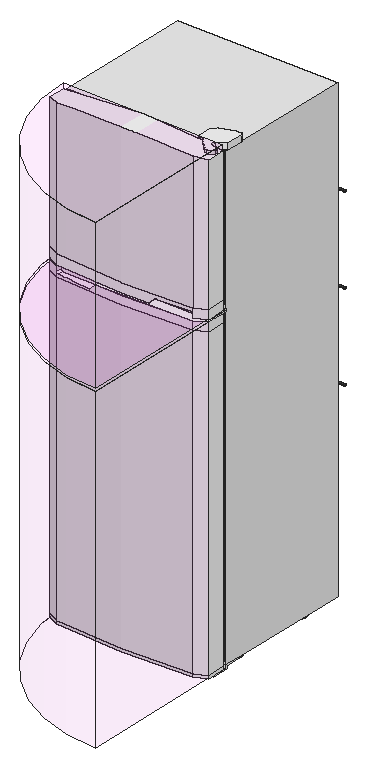
Revit family "QF_Summit_FF946W_Frost_Free_Refrigerator_Freezer", category Specialty Equipment, Revit 2020
Family settings
  Round Connector Dimension = Use Diameter
  Part Type = Normal
  Work Plane-Based = No
  Always vertical = Yes
  Cut with Voids When Loaded = No
  Shared = No
  Room Calculation Point = No
Parameters
  Weight in Pounds = 125
  Watts = Volts * FL Amps  # 94.3 W
  Volts = 115 V
  URL Cutsheet = ""
  Specification by User = ""
  Specification by Manufacturer = ""
  Show RHD [instance] = not(Show LHD)  # no
  Show LHD [instance] = yes
  Show Clearance [instance] = yes
  Serial Number = ""
  Seismic Rating = ""
  SMACNA No = ""
  Revision Code = ""
  Refrigerant Volume = 0.00 kip
  Refrigerant Type = "R134a"
  Phase = 1
  Number of Poles = 1
  NAFEM Spec ID Number = ""
  Model = "FF946W"
  Min Ckt Ampacity = 0 A
  Max Overcurrent Protection = 0 A
  Masterspec = ""
  Manufacturer = "Summit"
  Length = 22"
  Item Number = ""
  Installed By = ""
  Identify Quantity as Lot = yes
  Height = 65 3/4"
  HP = ""
  Furnished By = ""
  Foodservice Equipment Identifier = yes
  FL Amps = 0.82 A
  Electrical Remarks = ""
  Electric Connection Type = ""
  Elec Conn RI Height = 0"
  Elec Conn Connection Height = 0"
  Description = "Frost Free Refrigerator Freezer"
  Depth = 26"
  Default Elevation = 0"
  Cycle = 60 Hz
  Conn Plug = ""
  Conn Conduit = yes
  CSI MasterFormat = ""
  BTUH = 0.0 Btu/h
  Apparent Power = 0 VA
Reference planes (in)
  plane 1 "BACK": y = 0
  plane 2: z = 0
  plane 3 "LEFT": x = 0
  plane 4 "RIGHT": x = 22
  plane 5 "FRONT": y = -26
  plane 6 "TOP": z = 65.75
  plane 7 "Center Y": x = 11
  plane 8 "Center X": y = -13
Dimensions and locks (in)
  equal spacing: plane 3 "LEFT", plane 7 "Center Y", plane 4 "RIGHT"
  "Length": plane 3 "LEFT" to plane 4 "RIGHT"
  equal spacing: plane 5 "FRONT", plane 8 "Center X", plane 1 "BACK"
  "Depth": plane 5 "FRONT" to plane 1 "BACK"
  "Height": plane 6 "TOP" to level
  aligned and locked: level to plane 2
Nested families (in)
  nested 1: "FF946W" at (0, 0, 0), Show LHD <- "Show LHD", Show RHD <- "Show RHD", type "FF946W"
    with Show RHD no, Show LHD yes, Show Clearance yes
Connectors (in)
  electrical at (21.25, -2.46875, 9.06755), driven by "Volts", driven by "Watts"
    settings: on nested 1, index 1, voltage 115 V, apparent load 94.3 VA, apparent load phase1 0 VA, apparent load phase2 0 VA, apparent load phase3 0 VA, power factor 1, load classification "Other", number of poles 1, system type 30, power factor state 1, is connector primary yes, connector utility no, sub classification motor no, connector description "ELECTRICAL CONNECTION"
Definition of nested family "FF946W"
  Parameters (values of type "FF946W")
    Weight in Pounds = 0
    URL Cutsheet = ""
    Specification by User = ""
    Specification by Manufacturer = ""
    Show RHD [instance] = yes
    Show LHD [instance] = yes
    Show Clearance [instance] = yes
    Serial Number = ""
    Seismic Rating = ""
    SMACNA No = ""
    Revision Code = ""
    NAFEM Spec ID Number = ""
    Masterspec = ""
    Length = 22"
    Item Number = ""
    Installed By = ""
    Identify Quantity as Lot = yes
    Height = 65 3/4"
    Furnished By = ""
    Foodservice Equipment Identifier = yes
    Depth = 26"
    Default Elevation = 0"
    CSI MasterFormat = ""
  Reference planes (in)
    plane 1 "BACK": y = 0
    plane 2: z = 0
    plane 3 "LEFT": x = 0
    plane 4 "RIGHT": x = 22
    plane 5 "FRONT": y = -26
    plane 6 "TOP": z = 65.75
    plane 7 "Center Y": x = 11
    plane 8 "Center X": y = -13
    plane 9: y = -44.25
    plane 10: z = 0.76089
    plane 11: z = 64.75506
  Forms (in)
    Extrusion 1, solid, visible <- "Show LHD"
      sketch origin (0, 0, 0) x (1, 0, 0) y (0, 1, 0)
        loop
          line (0, -22.25) -> (0, -24.75) -> (1.58604, -25.48958)
          arc (1.58604, -25.48958) -> (11, -26) -> (20.41396, -25.48958) r 87.06902
          line (20.41396, -25.48958) -> (22, -24.75) -> (22, -22.25) -> (0, -22.25)
      from 46.47696 to 65.75
    Extrusion 2, void
      sketch origin (0, 0, 0) x (1, 0, 0) y (0, 0, 1)
        loop
          arc (0, 65) -> (11, 65.75) -> (22, 65) r 81.04167
          line (22, 65) -> (22, 68.01401) -> (0, 68.01401) -> (0, 65)
      from 22.25 to 26
    Extrusion 3, solid
      sketch origin (-6.66013, -180, 0.76089) x (-1, 0, 0) y (0, -1, 0)
        loop
          line (-6.66013, -157.75) -> (-6.66013, -155.25) -> (-8.24617, -154.51042)
          arc (-8.24617, -154.51042) -> (-17.66013, -154) -> (-27.07409, -154.51042) r 87.06902
          line (-27.07409, -154.51042) -> (-28.66013, -155.25) -> (-28.66013, -157.75) -> (-6.66013, -157.75)
      from 0.39175 to 42.92692
    Extrusion 4, solid
      sketch origin (-6.66013, -180, 43.68781) x (-1, 0, 0) y (0, -1, 0)
        loop
          line (-6.66013, -157.75) -> (-6.66013, -155.25) -> (-8.24617, -154.51042)
          arc (-8.24617, -154.51042) -> (-17.66013, -154) -> (-27.07409, -154.51042) r 87.06902
          line (-27.07409, -154.51042) -> (-28.66013, -155.25) -> (-28.66013, -157.75) -> (-6.66013, -157.75)
      from 0 to 1.21669
    Extrusion 5, solid
      sketch origin (0, 0, 46.47696) x (0, 1, 0) y (1, 0, 0)
        loop
          line (-22.25, 0) -> (-22.25, 22) -> (-24.75, 22) -> (-25.48958, 20.41396)
          arc (-25.48958, 20.41396) -> (-26, 11) -> (-25.48958, 1.58604) r 87.06902
          line (-25.48958, 1.58604) -> (-24.75, 0) -> (-22.25, 0)
      from 0 to 1.27189
    Extrusion 6, void
      sketch origin (0, 0, 0) x (1, 0, 0) y (0, 0, 1)
        loop
          line (1.58604, 44.9045) -> (1.58604, 44.36024)
          arc (1.58604, 44.36024) -> (1.65926, 44.18346) -> (1.83604, 44.11024) r 0.25
          line (1.83604, 44.11024) -> (6.49436, 44.11024) -> (7.28862, 44.9045) -> (1.58604, 44.9045)
        loop
          line (20.41396, 45.20507) -> (20.41396, 45.74933)
          arc (20.41396, 45.74933) -> (20.34074, 45.92611) -> (20.16396, 45.99933) r 0.25
          line (20.16396, 45.99933) -> (15.50564, 45.99933) -> (14.71138, 45.20507) -> (20.41396, 45.20507)
      from 24.75 to 26.9253
    Extrusion 7, solid
      sketch origin (-6.66013, -180, 1.15264) x (0, -1, 0) y (-1, 0, 0)
        loop
          line (-177.5, -6.66013) -> (-177.5, -28.66013) -> (-158.25, -28.66013) -> (-158.25, -6.66013) -> (-177.5, -6.66013)
      from 0 to -63.60242
    Extrusion 8, solid
      sketch origin (-6.66013, -180, 1.15264) x (0, -1, 0) y (-1, 0, 0)
        loop
          line (-158.25, -7.03694) -> (-158.25, -28.39098) -> (-157.75, -28.39098) -> (-157.75, -7.03694) -> (-158.25, -7.03694)
      from -0.39175 to -43.79198
    Extrusion 9, solid
      sketch origin (0, 0, 45.20507) x (-1, 0, 0) y (0, 1, 0)
        loop
          line (-0.37681, -21.75) -> (-21.73085, -21.75) -> (-21.73085, -22.25) -> (-0.37681, -22.25) -> (-0.37681, -21.75)
      from -0.39175 to -19.54999
    Extrusion 10, solid, visible <- "Show LHD"
      sketch origin (-6.66013, -180, 64.75506) x (0, -1, 0) y (1, 0, 0)
        loop
          arc (-160.91115, 28.66013) -> (-161.1774, 28.55391) -> (-161.29743, 28.2936) r 0.3868
          arc (-161.29743, 28.2936) -> (-161.12767, 26.92092) -> (-160.49634, 25.69028) r 3.9614
          arc (-160.49634, 25.69028) -> (-159.96855, 25.25379) -> (-159.30174, 25.09743) r 1.5
          line (-159.30174, 25.09743) -> (-158.16793, 25.09743)
          arc (-158.16793, 25.09743) -> (-157.93663, 25.19324) -> (-157.84082, 25.42454) r 0.32711
          line (-157.84082, 25.42454) -> (-157.84082, 25.97744)
          arc (-157.84082, 25.97744) -> (-156.83692, 26.61398) -> (-156.06864, 27.52105) r 3.93874
          arc (-156.06864, 27.52105) -> (-156.05522, 28.16776) -> (-156.61316, 28.49506) r 0.63921
          line (-156.61316, 28.49506) -> (-156.70493, 28.49506)
          arc (-156.70493, 28.49506) -> (-156.85318, 28.45185) -> (-156.955, 28.33574) r 0.27592
          line (-156.955, 28.33574) -> (-157.363, 27.46079)
          arc (-157.363, 27.46079) -> (-157.56996, 27.31722) -> (-157.79683, 27.42665) r 0.25
          line (-157.79683, 27.42665) -> (-158.62883, 28.66013) -> (-160.91115, 28.66013)
      from 0 to 0.79984
    Extrusion 11, solid
      sketch origin (0, 0, 0) x (0, 1, 0) y (0, 0, 1)
        loop
          line (-23.81696, 45.20507) -> (-23.81696, 45.12497) -> (-21.75, 45.12497) -> (-21.75, 45.20507) -> (-23.81696, 45.20507)
        loop
          line (-23.81696, 44.9045) -> (-21.75, 44.9045) -> (-21.75, 44.98461) -> (-23.81696, 44.98461) -> (-23.81696, 44.9045)
        loop
          line (-23.81696, 0.68224) -> (-21.65625, 0.68224) -> (-21.65625, 1.05889) -> (-19.65625, 1.05889) -> (-19.65625, 1.15264) -> (-21.75, 1.15264) -> (-21.75, 0.76094) -> (-23.81696, 0.76094) -> (-23.81696, 0.68224)
      from 20.41396 to 22
    Extrusion 12, solid
      sketch origin (-6.66013, -180, 0.76089) x (-1, 0, 0) y (0, -1, 0)
        loop
          line (-6.66013, -157.75) -> (-6.66013, -155.25) -> (-8.24617, -154.51042)
          arc (-8.24617, -154.51042) -> (-17.66013, -154) -> (-27.07409, -154.51042) r 87.06902
          line (-27.07409, -154.51042) -> (-28.66013, -155.25) -> (-28.66013, -157.75) -> (-6.66013, -157.75)
      from 0 to 0.39175
    Extrusion 13, solid
      sketch origin (-240, 37.35563, 50.30697) x (0, 1, 0) y (-1, 0, 0)
        loop
          line (-37.60563, -242.81776) -> (-39.85563, -242.81776) -> (-39.85563, -243.31776) -> (-37.60563, -243.31776) -> (-37.60563, -242.81776)
        loop
          line (-37.60563, -258.68224) -> (-39.85563, -258.68224) -> (-39.85563, -259.18224) -> (-37.60563, -259.18224) -> (-37.60563, -258.68224)
      from 0 to -0.5
    Extrusion 14, solid
      sketch origin (-240, 37.35563, 38.30697) x (0, 1, 0) y (-1, 0, 0)
        loop
          line (-37.60563, -242.81776) -> (-39.85563, -242.81776) -> (-39.85563, -243.31776) -> (-37.60563, -243.31776) -> (-37.60563, -242.81776)
        loop
          line (-37.60563, -258.68224) -> (-39.85563, -258.68224) -> (-39.85563, -259.18224) -> (-37.60563, -259.18224) -> (-37.60563, -258.68224)
      from 0 to -0.5
    Extrusion 15, solid
      sketch origin (-240, 37.35563, 26.30697) x (0, 1, 0) y (-1, 0, 0)
        loop
          line (-37.60563, -242.81776) -> (-39.85563, -242.81776) -> (-39.85563, -243.31776) -> (-37.60563, -243.31776) -> (-37.60563, -242.81776)
        loop
          line (-37.60563, -258.68224) -> (-39.85563, -258.68224) -> (-39.85563, -259.18224) -> (-37.60563, -259.18224) -> (-37.60563, -258.68224)
      from 0 to -0.5
    Extrusion 16, solid
      sketch origin (2.81776, 5.48016, 48) x (0, 1, 0) y (0, 0, 1)
        loop
          line (-5.73016, 2.30697) -> (-5.73016, 1.80697)
          arc (-5.73016, 1.80697) -> (-5.48016, 2.05697) -> (-5.73016, 2.30697) r 0.25
      from 0 to 0.5
    Extrusion 17, solid
      sketch origin (19.18224, 5.48016, 48) x (0, 1, 0) y (0, 0, -1)
        loop
          arc (-5.73016, -2.30697) -> (-5.48016, -2.05697) -> (-5.73016, -1.80697) r 0.25
          line (-5.73016, -1.80697) -> (-5.73016, -2.30697)
      from 0 to 0.5
    Extrusion 18, solid
      sketch origin (19.18224, 5.48016, 24) x (0, 1, 0) y (0, 0, -1)
        loop
          arc (-5.73016, -2.30697) -> (-5.48016, -2.05697) -> (-5.73016, -1.80697) r 0.25
          line (-5.73016, -1.80697) -> (-5.73016, -2.30697)
      from 0 to 0.5
    Extrusion 19, solid
      sketch origin (19.18224, 5.48016, 36) x (0, 1, 0) y (0, 0, -1)
        loop
          arc (-5.73016, -2.30697) -> (-5.48016, -2.05697) -> (-5.73016, -1.80697) r 0.25
          line (-5.73016, -1.80697) -> (-5.73016, -2.30697)
      from 0 to 0.5
    Extrusion 20, solid
      sketch origin (2.81776, 5.48016, 24) x (0, 1, 0) y (0, 0, 1)
        loop
          line (-5.73016, 2.30697) -> (-5.73016, 1.80697)
          arc (-5.73016, 1.80697) -> (-5.48016, 2.05697) -> (-5.73016, 2.30697) r 0.25
      from 0 to 0.5
    Extrusion 21, solid
      sketch origin (2.81776, 5.48016, 36) x (0, 1, 0) y (0, 0, 1)
        loop
          line (-5.73016, 2.30697) -> (-5.73016, 1.80697)
          arc (-5.73016, 1.80697) -> (-5.48016, 2.05697) -> (-5.73016, 2.30697) r 0.25
      from 0 to 0.5
    Revolve 22, solid
      sketch origin (-240, 0, 38.05697) x (-1, 0, 0) y (0, -1, 0)
        loop
          line (-240.82095, 0.12732) -> (-240.82095, 0.25465) -> (-261.13351, 0.25465) -> (-261.13351, 0.12732) -> (-240.82095, 0.12732)
        axis (-240.82095, 0.12732) -> (-261.13351, 0.12732)
      angle from 0 to 360
    Revolve 23, solid
      sketch origin (-240, 0, 50.05697) x (-1, 0, 0) y (0, -1, 0)
        loop
          line (-240.82095, 0.12732) -> (-240.82095, 0.25465) -> (-261.13351, 0.25465) -> (-261.13351, 0.12732) -> (-240.82095, 0.12732)
        axis (-240.82095, 0.12732) -> (-261.13351, 0.12732)
      angle from 0 to 360
    Revolve 24, solid
      sketch origin (-240, 0, 26.05697) x (-1, 0, 0) y (0, -1, 0)
        loop
          line (-240.82095, 0.12732) -> (-240.82095, 0.25465) -> (-261.13351, 0.25465) -> (-261.13351, 0.12732) -> (-240.82095, 0.12732)
        axis (-240.82095, 0.12732) -> (-261.13351, 0.12732)
      angle from 0 to 360
    Extrusion 25, solid, visible <- "Show LHD"
      sketch origin (0, 0, 45.20507) x (-1, 0, 0) y (0, 1, 0)
        loop
          line (0, -22.25) -> (-22, -22.25) -> (-22, -44.25)
          arc (-22, -44.25) -> (-6.44365, -37.80635) -> (0, -22.25) r 22
      from 0 to -20.54493
    Extrusion 26, solid, visible <- "Show LHD"
      sketch origin (-6.66013, -180, 0.76089) x (0, -1, 0) y (-1, 0, 0)
        loop
          line (-157.75, -6.66013) -> (-157.75, -28.66013) -> (-135.75, -28.66013)
          arc (-135.75, -28.66013) -> (-142.19365, -13.10378) -> (-157.75, -6.66013) r 22
      from 0 to -44.14362
    Extrusion 27, solid
      sketch origin (0, -2.5, 1.15264) x (1, 0, 0) y (0, 0, -1)
        loop
          circle (21.25, -7.91491) r 0.25
      from 0 to 0.03125
    Revolve 28, solid
      sketch origin (-240, -17.75, 7.03533) x (0, 0, 1) y (-1, 0, 0)
        loop
          line (-7.03533, -241.75) -> (-7.03533, -242.37518) -> (-6.62309, -242.37518) -> (-6.62309, -242.01683) -> (-5.88269, -242.01683) -> (-5.88269, -241.75) -> (-7.03533, -241.75)
        axis (-7.03533, -241.75) -> (-5.88269, -241.75)
      angle from 0 to 360
    Revolve 29, solid
      sketch origin (-240, -17.75, 7.03533) x (0, 0, 1) y (-1, 0, 0)
        loop
          line (-7.03533, -260.25) -> (-5.88269, -260.25) -> (-5.88269, -259.98317) -> (-6.62309, -259.98317) -> (-6.62309, -259.62482) -> (-7.03533, -259.62482) -> (-7.03533, -260.25)
        axis (-7.03533, -260.25) -> (-5.88269, -260.25)
      angle from 0 to 360
    Revolve 30, solid
      sketch origin (-240, -6.5, 7.03533) x (0, 0, 1) y (-1, 0, 0)
        loop
          line (-7.03533, -241.75) -> (-7.03533, -242.37518) -> (-6.62309, -242.37518) -> (-6.62309, -242.01683) -> (-5.88269, -242.01683) -> (-5.88269, -241.75) -> (-7.03533, -241.75)
        axis (-7.03533, -241.75) -> (-5.88269, -241.75)
      angle from 0 to 360
    Revolve 31, solid
      sketch origin (-240, -6.5, 7.03533) x (0, 0, 1) y (-1, 0, 0)
        loop
          line (-7.03533, -260.25) -> (-5.88269, -260.25) -> (-5.88269, -259.98317) -> (-6.62309, -259.98317) -> (-6.62309, -259.62482) -> (-7.03533, -259.62482) -> (-7.03533, -260.25)
        axis (-7.03533, -260.25) -> (-5.88269, -260.25)
      angle from 0 to 360
    Extrusion 32, solid, visible <- "Show RHD"
      sketch origin (22, 0, 45.20507) x (-1, 0, 0) y (0, 1, 0)
        loop
          arc (0, -22.25) -> (6.44365, -37.80635) -> (22, -44.25) r 22
          line (22, -44.25) -> (22, -22.25) -> (0, -22.25)
      from 0 to -20.54493
    Extrusion 33, solid, visible <- "Show RHD"
      sketch origin (28.66013, -180, 0.76089) x (0, 1, 0) y (1, 0, 0)
        loop
          arc (157.75, -6.66013) -> (142.19365, -13.10378) -> (135.75, -28.66013) r 22
          line (135.75, -28.66013) -> (157.75, -28.66013) -> (157.75, -6.66013)
      from 0 to -44.14362
    Extrusion 34, solid, visible <- "Show RHD"
      sketch origin (28.66013, -180, 64.75506) x (0, -1, 0) y (1, 0, 0)
        loop
          line (-160.91115, -28.66013) -> (-158.62883, -28.66013) -> (-157.79683, -27.42665)
          arc (-157.79683, -27.42665) -> (-157.56996, -27.31722) -> (-157.363, -27.46079) r 0.25
          line (-157.363, -27.46079) -> (-156.955, -28.33574)
          arc (-156.955, -28.33574) -> (-156.85318, -28.45185) -> (-156.70493, -28.49506) r 0.27592
          line (-156.70493, -28.49506) -> (-156.61316, -28.49506)
          arc (-156.61316, -28.49506) -> (-156.05522, -28.16776) -> (-156.06864, -27.52105) r 0.63921
          arc (-156.06864, -27.52105) -> (-156.83692, -26.61398) -> (-157.84082, -25.97744) r 3.93874
          line (-157.84082, -25.97744) -> (-157.84082, -25.42454)
          arc (-157.84082, -25.42454) -> (-157.93663, -25.19324) -> (-158.16793, -25.09743) r 0.32711
          line (-158.16793, -25.09743) -> (-159.30174, -25.09743)
          arc (-159.30174, -25.09743) -> (-159.96855, -25.25379) -> (-160.49634, -25.69028) r 1.5
          arc (-160.49634, -25.69028) -> (-161.12767, -26.92092) -> (-161.29743, -28.2936) r 3.9614
          arc (-161.29743, -28.2936) -> (-161.1774, -28.55391) -> (-160.91115, -28.66013) r 0.3868
      from 0 to 0.79984
  Cuts and joins
    Extrusion 2 cuts Extrusion 1
    joined: Extrusion 1, Extrusion 10
    Extrusion 6 cuts Extrusion 5
    Extrusion 6 cuts Extrusion 4
    joined: Extrusion 13, Extrusion 14, Extrusion 15, Extrusion 16, Extrusion 17, Extrusion 18, Extrusion 19, Extrusion 20, Extrusion 21, Revolve 22, Revolve 23, Revolve 24
  Lines and regions (in)
    symbolic lines, visible <- "Show LHD"
      curve 1: arc (2.94744, -33.25, 0) -> (0.74963, -27.94402, 0) -> (0, -22.25, 0) r 22
      curve 2: line (22, -22.25, 0) -> (2.94744, -33.25, 0)
      curve 5: line (0.37681, -21.75, 0) -> (0.37681, -22.25, 0)
      curve 6: line (21.73085, -22.25, 0) -> (21.73085, -21.75, 0)
      curve 7: arc (21.63347, -18.70257, 0) -> (20.26079, -18.87233, 0) -> (19.03015, -19.50366, 0) r 3.9614
      curve 8: arc (19.03015, -19.50366, 0) -> (18.59366, -20.03145, 0) -> (18.4373, -20.69826, 0) r 1.5
      curve 9: line (18.4373, -20.69826, 0) -> (18.4373, -21.83207, 0)
      curve 10: arc (18.4373, -21.83207, 0) -> (18.53311, -22.06337, 0) -> (18.76441, -22.15918, 0) r 0.32711
      curve 11: line (18.76441, -22.15918, 0) -> (19.31731, -22.15918, 0)
      curve 12: arc (19.31731, -22.15918, 0) -> (19.95385, -23.16308, 0) -> (20.86092, -23.93136, 0) r 3.93874
      curve 13: arc (20.86092, -23.93136, 0) -> (21.50763, -23.94478, 0) -> (21.83493, -23.38684, 0) r 0.63921
      curve 14: line (21.83493, -23.38684, 0) -> (21.83493, -23.29507, 0)
      curve 15: arc (21.83493, -23.29507, 0) -> (21.79172, -23.14682, 0) -> (21.67561, -23.045, 0) r 0.27592
      curve 16: line (21.67561, -23.045, 0) -> (20.80066, -22.637, 0)
      curve 17: arc (20.80066, -22.637, 0) -> (20.65709, -22.43004, 0) -> (20.76652, -22.20317, 0) r 0.25
      curve 18: line (20.76652, -22.20317, 0) -> (22, -21.37117, 0)
      curve 20: arc (22, -19.08885, 0) -> (21.89378, -18.8226, 0) -> (21.63347, -18.70257, 0) r 0.3868
      curve 21: line (22, -21.75, 0) -> (21.43836, -21.75, 0)
      curve 22: line (22, -22.25, 0) -> (20.75, -22.25, 0)
      curve 28: line (18.4373, -21.75, 0) -> (0, -21.75, 0)
      curve 39: line (19.35855, -22.25, 0) -> (0, -22.25, 0)
    symbolic lines
      curve 3: line (22, -2.5, 0) -> (0, -2.5, 0)
      curve 4: line (0, -2.5, 0) -> (0, -21.75, 0)
      curve 19: line (22, -21.75, 0) -> (22, -2.5, 0)
      curve 23: line (0, -22.25, 0) -> (0, -24.75, 0)
      curve 24: line (0, -24.75, 0) -> (1.58604, -25.48958, 0)
      curve 25: arc (1.58604, -25.48958, 0) -> (11, -26, 0) -> (20.41396, -25.48958, 0) r 87.06902
      curve 26: line (20.41396, -25.48958, 0) -> (22, -24.75, 0)
      curve 27: line (22, -24.75, 0) -> (22, -22.25, 0)
      curve 29: line (2.81776, -2.5, 0) -> (2.81776, 0, 0)
      curve 30: line (3.31776, 0, 0) -> (3.31776, -2.5, 0)
      curve 31: line (18.68224, -2.5, 0) -> (18.68224, 0, 0)
      curve 32: line (0.82095, 0, 0) -> (21.13351, 0, 0)
      curve 33: line (19.18224, 0, 0) -> (19.18224, -2.5, 0)
      curve 34: line (21.13351, -0.25465, 0) -> (19.18224, -0.25465, 0)
      curve 35: line (21.13351, -0.25465, 0) -> (21.13351, 0, 0)
      curve 36: line (0.82095, -0.25465, 0) -> (0.82095, 0, 0)
      curve 37: line (0.82095, -0.25465, 0) -> (2.81776, -0.25465, 0)
      curve 38: line (3.31776, -0.25, 0) -> (18.68224, -0.25, 0)
    symbolic lines, visible <- "Show RHD"
      curve 40: arc (0.36653, -18.70257, 0) -> (1.73921, -18.87233, 0) -> (2.96985, -19.50366, 0) r 3.9614
      curve 41: arc (2.96985, -19.50366, 0) -> (3.40634, -20.03145, 0) -> (3.5627, -20.69826, 0) r 1.5
      curve 42: line (3.5627, -20.69826, 0) -> (3.5627, -21.83207, 0)
      curve 43: arc (3.5627, -21.83207, 0) -> (3.46689, -22.06337, 0) -> (3.23559, -22.15918, 0) r 0.32711
      curve 44: line (3.23559, -22.15918, 0) -> (2.68269, -22.15918, 0)
      curve 45: arc (2.68269, -22.15918, 0) -> (2.04615, -23.16308, 0) -> (1.13908, -23.93136, 0) r 3.93874
      curve 46: arc (1.13908, -23.93136, 0) -> (0.49237, -23.94478, 0) -> (0.16507, -23.38684, 0) r 0.63921
      curve 47: line (0.16507, -23.38684, 0) -> (0.16507, -23.29507, 0)
      curve 48: arc (0.16507, -23.29507, 0) -> (0.20828, -23.14682, 0) -> (0.32439, -23.045, 0) r 0.27592
      curve 49: line (0.32439, -23.045, 0) -> (1.19934, -22.637, 0)
      curve 50: arc (1.19934, -22.637, 0) -> (1.34291, -22.43004, 0) -> (1.23348, -22.20317, 0) r 0.25
      curve 51: line (1.23348, -22.20317, 0) -> (0, -21.37117, 0)
      curve 52: arc (0, -19.08885, 0) -> (0.10622, -18.8226, 0) -> (0.36653, -18.70257, 0) r 0.3868
      curve 53: line (0, -21.75, 0) -> (0.56164, -21.75, 0)
      curve 54: line (0, -22.25, 0) -> (1.25, -22.25, 0)
      curve 55: line (3.5627, -21.75, 0) -> (22, -21.75, 0)
      curve 56: line (2.64145, -22.25, 0) -> (22, -22.25, 0)
      curve 57: arc (19.05256, -33.25, 0) -> (21.25037, -27.94402, 0) -> (22, -22.25, 0) r 22
      curve 58: line (0, -22.25, 0) -> (19.05256, -33.25, 0)
  Dimensions and locks (in)
    equal spacing: plane 3 "LEFT", plane 7 "Center Y", plane 4 "RIGHT"
    "Length": plane 3 "LEFT" to plane 4 "RIGHT"
    equal spacing: plane 5 "FRONT", plane 8 "Center X", plane 1 "BACK"
    "Depth": plane 5 "FRONT" to plane 1 "BACK"
    "Height": plane 6 "TOP" to level
    plane 1 "BACK" to plane 9 = 44 1/4"
    aligned and locked: level to plane 2
  Automatic sketch dimensions
    curve 23 to plane 3 "LEFT" = 0"
    curve 51 to plane 3 "LEFT" = 0"
    curve 57 to plane 3 "LEFT" = 0"
    plane 1 "BACK" to curve 36 = 0"
    curve 25 to plane 7 "Center Y" = 0"
    curve 19 to plane 4 "RIGHT" = 0"
    curve 22 to plane 4 "RIGHT" = 0"
    curve 1 to plane 4 "RIGHT" = 0"
    curve 45 to plane 3 "LEFT" = 0.92391"
    plane 3 "LEFT" to curve 47 = 0.16507"
    curve 47 to curve 49 = 0.15931"
    plane 3 "LEFT" to curve 52 = 0.3868"
    curve 47 to curve 48 = 0.27592"
    curve 48 to curve 40 = 0.24974"
    curve 48 to curve 46 = 93/256"
    plane 3 "LEFT" to curve 36 = 0.82095"
    curve 40 to curve 50 = 0.51956"
    curve 50 to curve 49 = 0.10565"
    curve 50 to curve 51 = 0.1398"
    curve 24 to plane 5 "FRONT" = 0.51042"
    plane 3 "LEFT" to curve 24 = 1.58604"
    curve 51 to curve 41 = 0.82922"
    curve 51 to curve 44 = 1 115/256"
    plane 3 "LEFT" to curve 2 = 2.94744"
    curve 45 to curve 43 = 0.5529"
    curve 43 to curve 42 = 0.32711"
    plane 4 "RIGHT" to curve 9 = 3.5627"
    curve 10 to curve 10 = 0.32711"
    plane 4 "RIGHT" to curve 58 = 2.94744"
    curve 11 to curve 11 = 0.5529"
    curve 8 to curve 8 = 1 1/2"
    curve 26 to plane 5 "FRONT" = 0.51042"
    plane 4 "RIGHT" to curve 18 = 1.23348"
    curve 17 to curve 16 = 0.03414"
    curve 17 to curve 17 = 0.1398"
    plane 1 "BACK" to curve 34 = 0.25465"
    plane 4 "RIGHT" to curve 34 = 0.86649"
    plane 4 "RIGHT" to curve 13 = 0.80428"
    plane 4 "RIGHT" to curve 7 = 0.57413"
    curve 13 to curve 15 = 93/256"
    plane 4 "RIGHT" to curve 20 = 0.3868"
    curve 15 to curve 16 = 0.11661"
    plane 4 "RIGHT" to curve 14 = 0.16507"
    curve 12 to plane 4 "RIGHT" = 0.92391"
    plane 5 "FRONT" to curve 58 = 7 1/4"
    plane 5 "FRONT" to curve 2 = 7 1/4"
    curve 24 to plane 5 "FRONT" = 1 1/4"
    curve 26 to plane 5 "FRONT" = 1 1/4"
    curve 14 to curve 6 = 1.13684"
    curve 47 to curve 1 = 1.13684"
    curve 47 to curve 47 = 0.09177"
    curve 14 to curve 14 = 0.09177"
    curve 15 to curve 7 = 0.38647"
    curve 40 to curve 5 = 0.40853"
    curve 49 to curve 54 = 0.387"
    curve 16 to curve 22 = 0.387"
    curve 17 to curve 22 = 0.16042"
    curve 50 to curve 54 = 0.16042"
    curve 39 to curve 11 = 0.09082"
    curve 56 to curve 44 = 0.09082"
    curve 57 to curve 55 = 1/2"
    curve 23 to curve 53 = 1/2"
    curve 28 to curve 9 = 1.05174"
    curve 45 to curve 41 = 1.46091"
    curve 19 to curve 12 = 1.17391"
    curve 4 to curve 45 = 1.17391"
    curve 12 to curve 20 = 1.48725"
    curve 45 to curve 52 = 1.48725"
    plane 1 "BACK" to curve 4 = 2 1/2"
    plane 1 "BACK" to curve 37 = 0.25465"
    curve 25 to plane 1 "BACK" = 61.06902"
    curve 40 to curve 52 = 0"
    plane 3 "LEFT" to curve 5 = 0.37681"
    curve 5 to curve 53 = 0.18483"
    curve 50 to curve 54 = 0.01652"
    plane 3 "LEFT" to curve 29 = 2.81776"
    curve 29 to curve 30 = 1/2"
    plane 4 "RIGHT" to curve 31 = 3.31776"
    curve 7 to curve 8 = 0"
    curve 31 to curve 33 = 1/2"
    curve 22 to curve 17 = 0.01652"
    plane 4 "RIGHT" to curve 21 = 0.56164"
    curve 6 to curve 57 = 0.26915"
    curve 38 to curve 31 = 1/4"
    Extrusion 1 sketch curve to plane 3 "LEFT" = 0"
    Extrusion 1 sketch curve to plane 7 "Center Y" = 0"
    Extrusion 1 sketch curve to plane 4 "RIGHT" = 0"
    Extrusion 1 sketch curve to plane 5 "FRONT" = 0.51042"  (x2)
    plane 3 "LEFT" to Extrusion 1 sketch curve = 1.58604"
    Extrusion 1 sketch curve to plane 5 "FRONT" = 1 1/4"  (x2)
    Extrusion 1 sketch curve to Extrusion 1 sketch curve = 2 1/2"
    Extrusion 1 sketch curve to plane 1 "BACK" = 61.06902"
    Extrusion 2 sketch curve to plane 3 "LEFT" = 0"
    plane 7 "Center Y" to Extrusion 2 sketch curve = 0"
    plane 4 "RIGHT" to Extrusion 2 sketch curve = 0"
    Extrusion 2 sketch curve to level = 15.29167"
    plane 11 to Extrusion 2 sketch curve = 0.24494"
    plane 6 "TOP" to Extrusion 2 sketch curve = 2.26401"
    Extrusion 3 sketch curve to plane 4 "RIGHT" = 0"
    Extrusion 3 sketch curve to plane 7 "Center Y" = 0"
    Extrusion 3 sketch curve to plane 3 "LEFT" = 0"
    Extrusion 3 sketch curve to plane 5 "FRONT" = 0.51042"  (x2)
    plane 4 "RIGHT" to Extrusion 3 sketch curve = 1.58604"
    Extrusion 3 sketch curve to plane 5 "FRONT" = 1 1/4"  (x2)
    Extrusion 3 sketch curve to Extrusion 3 sketch curve = 2 1/2"
    Extrusion 3 sketch curve to plane 1 "BACK" = 61.06902"
    Extrusion 4 sketch curve to Extrusion 3 = 0"  (x5)
    Extrusion 3 to Extrusion 4 sketch curve = 0"  (x2)
    Extrusion 5 sketch curve to Extrusion 1 = 0"  (x6)
    Extrusion 1 to Extrusion 5 sketch curve = 0"
    plane 3 "LEFT" to Extrusion 6 sketch curve = 1.58604"
    Extrusion 6 sketch curve to Extrusion 6 sketch curve = 1/4"  (x2)
    Extrusion 6 sketch curve to plane 7 "Center Y" = 4.50564"
    Extrusion 6 sketch curve to Extrusion 6 sketch curve = 0.79426"  (x2)
    plane 7 "Center Y" to Extrusion 6 sketch curve = 3.71138"
    plane 4 "RIGHT" to Extrusion 6 sketch curve = 1.83604"
    Extrusion 6 sketch curve to plane 11 = 20.64482"
    Extrusion 6 sketch curve to Extrusion 6 sketch curve = 0.54426"  (x2)
    Extrusion 6 sketch curve to Extrusion 6 sketch curve = 0.30057"
    Extrusion 7 sketch curve to Extrusion 3 = 0"  (x2)
    Extrusion 7 sketch curve to Extrusion 3 = 19 3/4"
    Extrusion 7 sketch curve to Extrusion 3 = 1/2"
    Extrusion 3 to Extrusion 8 sketch curve = 0"
    Extrusion 8 sketch curve to Extrusion 3 = 1/2"
    Extrusion 3 to Extrusion 8 sketch curve = 0.37681"
    Extrusion 3 to Extrusion 8 sketch curve = 0.26915"
    Extrusion 5 to Extrusion 9 sketch curve = 0"
    Extrusion 5 to Extrusion 9 sketch curve = 0.26915"
    Extrusion 5 to Extrusion 9 sketch curve = 0.37681"
    Extrusion 9 sketch curve to Extrusion 5 = 1/2"
    Extrusion 10 sketch curve to Extrusion 7 = 0"
    Extrusion 10 sketch curve to Extrusion 7 = 0.3868"
    Extrusion 10 sketch curve to Extrusion 7 = 2.66115"
    Extrusion 10 sketch curve to Extrusion 7 = 1.17391"
    Extrusion 10 sketch curve to Extrusion 7 = 1.05174"
    Extrusion 10 sketch curve to Extrusion 7 = 0.37883"
    Extrusion 7 to Extrusion 10 sketch curve = 0.08207"
    Extrusion 7 to Extrusion 10 sketch curve = 0.40918"
    Extrusion 7 to Extrusion 10 sketch curve = 0.45317"
    Extrusion 10 sketch curve to Extrusion 10 sketch curve = 0.20726"
    Extrusion 10 sketch curve to Extrusion 10 sketch curve = 29/128"
    Extrusion 10 sketch curve to Extrusion 10 sketch curve = 0.24811"
    Extrusion 10 sketch curve to Extrusion 7 = 0.32439"
    Extrusion 10 sketch curve to Extrusion 10 sketch curve = 0.38647"
    Extrusion 10 sketch curve to Extrusion 10 sketch curve = 0.25007"
    Extrusion 10 sketch curve to Extrusion 10 sketch curve = 0.09177"
    Extrusion 10 sketch curve to Extrusion 10 sketch curve = 0.11661"
    Extrusion 10 sketch curve to Extrusion 10 sketch curve = 0.24974"
    Extrusion 10 sketch curve to Extrusion 10 sketch curve = 93/256"
    Extrusion 10 sketch curve to Extrusion 10 sketch curve = 0.51956"
    Extrusion 10 sketch curve to Extrusion 10 sketch curve = 0.10565"
    Extrusion 10 sketch curve to Extrusion 10 sketch curve = 0.82922"
    Extrusion 10 sketch curve to Extrusion 10 sketch curve = 1 115/256"
    Extrusion 10 sketch curve to Extrusion 10 sketch curve = 0.5529"
    Extrusion 7 to Extrusion 10 sketch curve = 0.92391"
    Extrusion 10 sketch curve to Extrusion 10 sketch curve = 0"
    Extrusion 11 sketch curve to plane 5 "FRONT" = 2.18304"  (x2)
    Extrusion 11 sketch curve to plane 10 = 0.07864"
    Extrusion 11 sketch curve to Extrusion 11 sketch curve = 0"  (x2)
    Extrusion 11 sketch curve to Extrusion 11 sketch curve = 2.06696"  (x2)
    plane 10 to Extrusion 11 sketch curve = 0.00005"
    Extrusion 11 sketch curve to Extrusion 11 sketch curve = 3/32"  (x2)
    plane 10 to Extrusion 11 sketch curve = 0.298"
    Extrusion 11 sketch curve to Extrusion 11 sketch curve = 2"
    Extrusion 11 sketch curve to plane 11 = 19.85055"
    Extrusion 11 sketch curve to Extrusion 11 sketch curve = 0.08011"  (x2)
    Extrusion 11 sketch curve to Extrusion 11 sketch curve = 0.14035"
    Extrusion 12 sketch curve to plane 4 "RIGHT" = 0"
    Extrusion 12 sketch curve to plane 7 "Center Y" = 0"
    Extrusion 12 sketch curve to plane 3 "LEFT" = 0"
    Extrusion 12 sketch curve to plane 5 "FRONT" = 0.51042"  (x2)
    plane 4 "RIGHT" to Extrusion 12 sketch curve = 1.58604"
    Extrusion 12 sketch curve to plane 5 "FRONT" = 1 1/4"  (x2)
    Extrusion 12 sketch curve to Extrusion 12 sketch curve = 2 1/2"
    Extrusion 12 sketch curve to plane 1 "BACK" = 61.06902"
    plane 1 "BACK" to Extrusion 13 sketch curve = 2 1/2"  (x2)
    plane 1 "BACK" to Extrusion 13 sketch curve = 1/4"  (x2)
    plane 4 "RIGHT" to Extrusion 13 sketch curve = 2.81776"
    Extrusion 13 sketch curve to Extrusion 13 sketch curve = 1/2"  (x2)
    plane 3 "LEFT" to Extrusion 13 sketch curve = 3.31776"
    plane 1 "BACK" to Extrusion 14 sketch curve = 2 1/2"  (x2)
    plane 1 "BACK" to Extrusion 14 sketch curve = 1/4"  (x2)
    plane 4 "RIGHT" to Extrusion 14 sketch curve = 2.81776"
    Extrusion 14 sketch curve to Extrusion 14 sketch curve = 1/2"  (x2)
    plane 3 "LEFT" to Extrusion 14 sketch curve = 3.31776"
    plane 1 "BACK" to Extrusion 15 sketch curve = 2 1/2"  (x2)
    plane 1 "BACK" to Extrusion 15 sketch curve = 1/4"  (x2)
    plane 4 "RIGHT" to Extrusion 15 sketch curve = 2.81776"
    Extrusion 15 sketch curve to Extrusion 15 sketch curve = 1/2"  (x2)
    plane 3 "LEFT" to Extrusion 15 sketch curve = 3.31776"
    plane 1 "BACK" to Extrusion 16 sketch curve = 1/4"
    Extrusion 16 sketch curve to plane 11 = 14.94809"
    Extrusion 16 sketch curve to Extrusion 16 sketch curve = 1/4"
    plane 1 "BACK" to Extrusion 17 sketch curve = 1/4"
    Extrusion 17 sketch curve to plane 11 = 14.44809"
    Extrusion 17 sketch curve to Extrusion 17 sketch curve = 1/4"
    plane 1 "BACK" to Extrusion 18 sketch curve = 1/4"
    plane 10 to Extrusion 18 sketch curve = 25.54608"
    Extrusion 18 sketch curve to Extrusion 18 sketch curve = 1/4"
    plane 1 "BACK" to Extrusion 19 sketch curve = 1/4"
    Extrusion 19 sketch curve to plane 11 = 26.44809"
    Extrusion 19 sketch curve to Extrusion 19 sketch curve = 1/4"
    plane 1 "BACK" to Extrusion 20 sketch curve = 1/4"
    plane 10 to Extrusion 20 sketch curve = 25.04608"
    Extrusion 20 sketch curve to Extrusion 20 sketch curve = 1/4"
    plane 1 "BACK" to Extrusion 21 sketch curve = 1/4"
    Extrusion 21 sketch curve to plane 11 = 26.94809"
    Extrusion 21 sketch curve to Extrusion 21 sketch curve = 1/4"
    plane 1 "BACK" to Revolve 22 sketch curve = 0.12732"  (x2)
    plane 4 "RIGHT" to Revolve 22 sketch curve = 0.86649"
    plane 1 "BACK" to Revolve 22 sketch curve = 0.25465"
    plane 3 "LEFT" to Revolve 22 sketch curve = 0.82095"
    Revolve 22 sketch curve to Revolve 22 sketch curve = 0.3695"
    Revolve 22 sketch curve to Revolve 22 sketch curve = 0"
    plane 1 "BACK" to Revolve 23 sketch curve = 0.12732"  (x2)
    plane 4 "RIGHT" to Revolve 23 sketch curve = 0.86649"
    plane 1 "BACK" to Revolve 23 sketch curve = 0.25465"
    plane 3 "LEFT" to Revolve 23 sketch curve = 0.82095"
    Revolve 23 sketch curve to Revolve 23 sketch curve = 0.3695"
    Revolve 23 sketch curve to Revolve 23 sketch curve = 0"
    plane 1 "BACK" to Revolve 24 sketch curve = 0.12732"  (x2)
    plane 4 "RIGHT" to Revolve 24 sketch curve = 0.86649"
    plane 1 "BACK" to Revolve 24 sketch curve = 0.25465"
    plane 3 "LEFT" to Revolve 24 sketch curve = 0.82095"
    Revolve 24 sketch curve to Revolve 24 sketch curve = 0.3695"
    Revolve 24 sketch curve to Revolve 24 sketch curve = 0"
    Extrusion 5 to Extrusion 25 sketch curve = 0"
    Extrusion 25 sketch curve to Extrusion 5 = 0"  (x2)
    Extrusion 26 sketch curve to Extrusion 12 = 0"  (x3)
    Extrusion 27 sketch curve to Extrusion 7 = 3/4"
    Extrusion 7 to Extrusion 27 sketch curve = 7.91491"
    Revolve 28 sketch curve to level = 0"  (x2)
    Revolve 28 sketch curve to plane 10 = 0.34865"
    plane 10 to Revolve 28 sketch curve = 0.39175"
    plane 3 "LEFT" to Revolve 28 sketch curve = 2.37518"
    Revolve 28 sketch curve to Revolve 28 sketch curve = 0.35834"
    Revolve 28 sketch curve to Revolve 28 sketch curve = 0.26683"
    Revolve 28 sketch curve to Revolve 28 sketch curve = 0.09826"
    Revolve 28 sketch curve to Revolve 28 sketch curve = 0"
    Revolve 29 sketch curve to level = 0"  (x2)
    Revolve 29 sketch curve to plane 10 = 0.34865"
    plane 10 to Revolve 29 sketch curve = 0.39175"
    plane 4 "RIGHT" to Revolve 29 sketch curve = 1 3/4"
    Revolve 29 sketch curve to Revolve 29 sketch curve = 0.26683"
    Revolve 29 sketch curve to Revolve 29 sketch curve = 0.35834"
    Revolve 29 sketch curve to Revolve 29 sketch curve = 0.09826"
    Revolve 29 sketch curve to Revolve 29 sketch curve = 0"
    Revolve 30 sketch curve to level = 0"  (x2)
    Revolve 30 sketch curve to plane 10 = 0.34865"
    plane 10 to Revolve 30 sketch curve = 0.39175"
    plane 3 "LEFT" to Revolve 30 sketch curve = 2.37518"
    Revolve 30 sketch curve to Revolve 30 sketch curve = 0.35834"
    Revolve 30 sketch curve to Revolve 30 sketch curve = 0.26683"
    Revolve 30 sketch curve to Revolve 30 sketch curve = 0.09826"
    Revolve 30 sketch curve to Revolve 30 sketch curve = 0"
    Revolve 31 sketch curve to level = 0"  (x2)
    Revolve 31 sketch curve to plane 10 = 0.34865"
    plane 10 to Revolve 31 sketch curve = 0.39175"
    plane 4 "RIGHT" to Revolve 31 sketch curve = 1 3/4"
    Revolve 31 sketch curve to Revolve 31 sketch curve = 0.26683"
    Revolve 31 sketch curve to Revolve 31 sketch curve = 0.35834"
    Revolve 31 sketch curve to Revolve 31 sketch curve = 0.09826"
    Revolve 31 sketch curve to Revolve 31 sketch curve = 0"
    Extrusion 5 to Extrusion 32 sketch curve = 0"
    Extrusion 32 sketch curve to Extrusion 5 = 0"  (x2)
    Extrusion 33 sketch curve to Extrusion 12 = 0"  (x2)
    Extrusion 12 to Extrusion 33 sketch curve = 0"
    Extrusion 34 sketch curve to Extrusion 7 = 0"
    Extrusion 34 sketch curve to Extrusion 7 = 0.3868"
    Extrusion 34 sketch curve to Extrusion 7 = 2.66115"
    Extrusion 34 sketch curve to Extrusion 7 = 1.17391"
    Extrusion 34 sketch curve to Extrusion 7 = 1.05174"
    Extrusion 34 sketch curve to Extrusion 7 = 0.37883"
    Extrusion 7 to Extrusion 34 sketch curve = 0.08207"
    Extrusion 7 to Extrusion 34 sketch curve = 0.40918"
    Extrusion 7 to Extrusion 34 sketch curve = 0.45317"
    Extrusion 34 sketch curve to Extrusion 34 sketch curve = 0.20726"
    Extrusion 34 sketch curve to Extrusion 34 sketch curve = 29/128"
    Extrusion 34 sketch curve to Extrusion 34 sketch curve = 0.24811"
    Extrusion 34 sketch curve to Extrusion 7 = 0.32439"
    Extrusion 34 sketch curve to Extrusion 34 sketch curve = 0.38647"
    Extrusion 34 sketch curve to Extrusion 34 sketch curve = 0.25007"
    Extrusion 34 sketch curve to Extrusion 34 sketch curve = 0.09177"
    Extrusion 7 to Extrusion 34 sketch curve = 0.92391"
    Extrusion 34 sketch curve to Extrusion 7 = 0.16507"
    Extrusion 34 sketch curve to Extrusion 34 sketch curve = 0.24974"
    Extrusion 34 sketch curve to Extrusion 34 sketch curve = 93/256"
    Extrusion 34 sketch curve to Extrusion 34 sketch curve = 0.51956"
    Extrusion 34 sketch curve to Extrusion 34 sketch curve = 0.10565"
    Extrusion 34 sketch curve to Extrusion 34 sketch curve = 0.82922"
    Extrusion 34 sketch curve to Extrusion 34 sketch curve = 1 115/256"
    Extrusion 34 sketch curve to Extrusion 34 sketch curve = 0.5529"
    Extrusion 34 sketch curve to Extrusion 34 sketch curve = 0"
    radius of Extrusion 4 sketch curve to Extrusion 3 = 0"
    radius of Extrusion 5 sketch curve to Extrusion 1 = 0"
    radius of Extrusion 27 sketch curve = 1/4"
